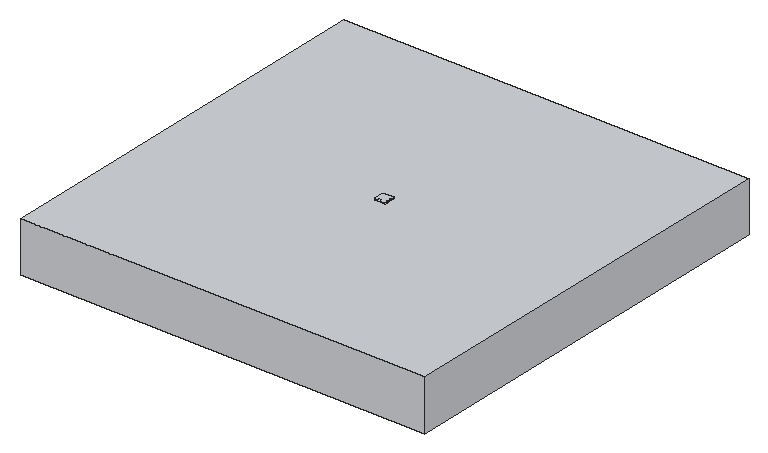
Revit family "Gira_015500", category Allgemeines Modell, Revit 2017
Family settings
  Basisbauteil = Fläche
  Kann Basisbauteil für Bewehrung sein = Nein
  Bemaßung runder Anschluss = Durchmesser verwenden
  Teiletyp = Normal
  Beim Laden mit Abzugskörper schneiden = Nein
  Gemeinsam genutzt = Nein
  Raumberechnungspunkt = Nein
Parameters
  With mounting plate = no
  With lighting = no
  Wiring system = "Two-way switch"
  Washing machine switch = no
  Default Elevation = 1219.2 mm
  URL = "https://www.gira.de/"
  Typname = "Rocker btn 2-way m-c 2-g Insert"
  Type of load = "Other"
  Type of lighting = "Glow lamp"
  Type of fastening = "Mounting with claw and screw"
  Transparent = no
  Surface protection = "Other"
  Suitable for degree of protection (IP) = "IP20"
  Substation input = no
  Serial dimmer = no
  Rated current = 10 A
  Push button switch = no
  Productwebsite = "http://katalog.gira.de/en/datenblatt.html?artikelnr=015500"
  Number of rockers = 2
  Number of modules (module system) = 1
  Nominal voltage [Volt] 1 = "[230:230]"
  Nominal voltage [Volt] = 250
  Mounting method = "Flush mounted (plaster)"
  Model = "Single push button"
  Method of operation = "Rocker"
  Material quality = "Other"
  Material = "Other"
  Light value memory = no
  Label space/information surface 1 = "No"
  Label space/information surface = no
  Imprint = "None"
  Illumination = "Yes"
  Hersteller = "Gira"
  Halogen free = no
  HAN = "015500"
  GTIN = "4010337155003"
  Function lighting = "Illuminated (on)"
  Frequency [Hz] = "[50:60]"
  Feedback-signal contact = no
  Dimming phase cut-on = no
  Dimming phase cut-off = no
  Data sheet = "https://katalog.gira.de/en/download.html?artikelnr=015500"
  Contacts = "2 make contacts (NO)"
  Connection type = "Plug clamp"
  Colour = "Other"
  Beschreibung = "Rock.btn 2-w m-c 2g Ins.,Rocker button insert 10 AX 250 V~,,2-way momentary-contact, 2-gang,"
  BIM = "https://media.stage.bim.site/public/gira/ad86d9f/Einsatz_1fach.rfa"
  Assembly arrangement = "Basic element"
  Applicable with transmission button = no
  Applicable with time switch/timer = no
  Applicable with presence indicator = no
  Applicable with movement sensor = no
  Applicable with infrared button = no
  Applicable with button = yes
  App control via Bluetooth = no
Reference planes
  plane 1 "Center (Front/Back)": y = 0
  plane 2: z = 0
  plane 3 "Center (Left/Right)": x = 0
Forms (mm)
  Extrusion 1, solid
    sketch origin (0, 0, 0) x (1, 0, 0) y (0, 1, 0)
      loop
        line (-1219.2, 1219.2) -> (-1219.2, -1219.2) -> (1219.2, -1219.2) -> (1219.2, 1219.2) -> (-1219.2, 1219.2)
    from 0 to -304.8
  Extrusion 2, solid, detail levels fine
    sketch origin (0, 0, 0) x (1, 0, 0) y (0, 1, 0)
      loop
        line (27.475, 35.475) -> (-27.475, 35.475)
        arc (-27.475, 35.475) -> (-33.132, 33.132) -> (-35.475, 27.475) r 8
        line (-35.475, 27.475) -> (-35.475, -27.475)
        arc (-35.475, -27.475) -> (-33.132, -33.132) -> (-27.475, -35.475) r 8
        line (-27.475, -35.475) -> (27.475, -35.475)
        arc (27.475, -35.475) -> (33.132, -33.132) -> (35.475, -27.475) r 8
        line (35.475, -27.475) -> (35.475, 27.475)
        arc (35.475, 27.475) -> (33.132, 33.132) -> (27.475, 35.475) r 8
    from 0 to 1.8
  Extrusion 3, solid, detail levels fine
    sketch origin (0, 0, 0) x (1, 0, 0) y (0, 1, 0)
      loop
        line (9.678, 25.4) -> (-9.678, 25.4)
        arc (-9.678, 25.4) -> (-12.885, 24.922) -> (-15.814, 23.53) r 11
        arc (-15.814, 23.53) -> (-17.795, 22.07) -> (-19.641, 20.444) r 28.35
        arc (-19.641, 20.444) -> (-21.339, 18.665) -> (-22.876, 16.745) r 28.35
        arc (-22.876, 16.745) -> (-24.456, 13.666) -> (-25, 10.248) r 11
        line (-25, 10.248) -> (-25, -10.248)
        arc (-25, -10.248) -> (-24.456, -13.666) -> (-22.876, -16.745) r 11
        arc (-22.876, -16.745) -> (-20.409, -19.677) -> (-17.569, -22.25) r 28.35
        line (-17.569, -22.25) -> (17.569, -22.25)
        arc (17.569, -22.25) -> (20.409, -19.677) -> (22.876, -16.745) r 28.35
        arc (22.876, -16.745) -> (24.456, -13.666) -> (25, -10.248) r 11
        line (25, -10.248) -> (25, 10.248)
        arc (25, 10.248) -> (24.456, 13.666) -> (22.876, 16.745) r 11
        arc (22.876, 16.745) -> (21.593, 18.37) -> (20.195, 19.897) r 28.35
        arc (20.195, 19.897) -> (18.096, 21.823) -> (15.814, 23.53) r 28.35
        arc (15.814, 23.53) -> (12.885, 24.922) -> (9.678, 25.4) r 11
    from 0 to -22
  Extrusion 4, solid, detail levels medium
    sketch origin (0, 0, 0) x (1, 0, 0) y (0, 1, 0)
      loop
        line (-25, 25.4) -> (-25, -22.25) -> (25, -22.25) -> (25, 25.4) -> (-25, 25.4)
    from 0 to -22
  Extrusion 5, solid, detail levels coarse
    sketch origin (0, 0, 0) x (1, 0, 0) y (0, 1, 0)
      loop
        line (35.475, 35.475) -> (-35.475, 35.475) -> (-35.475, -35.475) -> (35.475, -35.475) -> (35.475, 35.475)
    from -22 to 1.8
  Extrusion 6, solid, detail levels medium
    sketch origin (0, 0, 0) x (1, 0, 0) y (0, 1, 0)
      loop
        line (35.475, 35.475) -> (-35.475, 35.475) -> (-35.475, -35.475) -> (35.475, -35.475) -> (35.475, 35.475)
    from 0 to 1.8
Dimensions and locks
  aligned and locked: plane 2 to Extrusion 1
  aligned and locked: level to Extrusion 1
Connectors
  electrical at (0, 0, -22)
    settings: on Extrusion 5, index 1, voltage 220 V, apparent load 0 VA, apparent load phase1 0 VA, apparent load phase2 0 VA, apparent load phase3 0 VA, power factor 1, load classification "Other", number of poles 1, system type 30, power factor state 1, is connector primary yes, connector utility no, sub classification motor no, connector description ""
